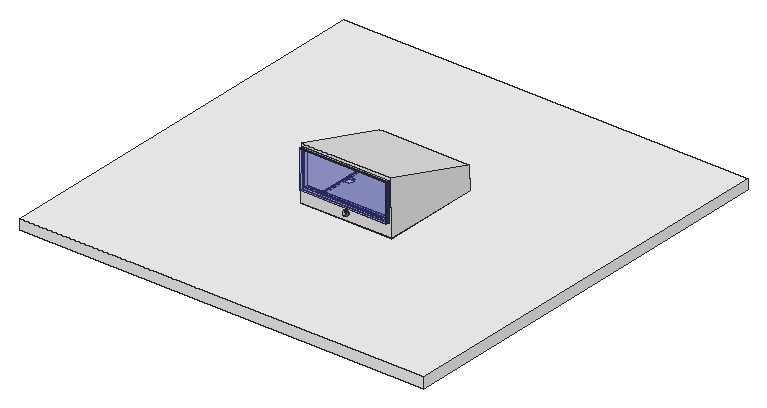
Revit family "BE_78047.1_de_DE", category Leuchten, Revit 2020
Family settings
  Basisbauteil = Fläche
  Bemaßung runder Anschluss = Durchmesser verwenden
  Teiletyp = Normal
  Beim Laden mit Abzugskörper schneiden = Ja
  Lichtquelle = Ja
  Gemeinsam genutzt = Nein
  Raumberechnungspunkt = Ja
Parameters (values of type "BEGA_78047.1_K3")
  built-in parameter 1150104 = 11.724 (stored number, unit not read)
  Wattage = 2.1 W
  Default Elevation = 0 mm
  built-in parameter 1150113 = 1 (stored number, unit not read)
  built-in parameter 1114218 = 1 (stored number, unit not read)
  Umgebungstemperatur = "25 °C"
  URL = "http://www.bega.de/de/produkt/78047.1"
  Typenkommentare = "© 2022 BEGA. Wir behalten uns das Recht vor, technische Änderungen ohne vorherige Ankündigung vorzunehmen."  # constant formula
  built-in parameter 1150134 = 12
  built-in parameter 1150109 = 1 (stored number, unit not read)
  Strom = ""
  built-in parameter 1150110 = 1 (stored number, unit not read)
  Spannung = 239.996 V
  Sonderanfertigung = no
  Seriennummer [instance] = "Hier können Sie die eindeutige Seriennummer für das Facility Management eintragen."
  Schutzklasse = "I"
  Schutzart = "IP 20"
  Scheinlast = 0 VA
  Produktdatenblatt = "http://www.bega.de/download/Xrfa/db/78047.1.db.de.pdf"
  Oberflächentemperatur = ""
  Neigungswinkel = 0.00°
  Model = "78047.1K4"
  Material_17 = BEGA_Reflektor
  Material_15 = BEGA_Leuchtmedium_matt
  Material_11 = BEGA_Glas_opal
  Material_09 = BEGA_Glas_klar
  Material_08 = BEGA_Oberfläche_Stahl_verzinkt
  Material_06 = BEGA_Oberfläche_Edelstahl_gebürstet
  Material_05 = BEGA_Oberfläche_Aluminium Guss
  Material_03 = BEGA_Oberfläche_Weiss_matt
  Material_02 = BEGA_Oberfläche_Silber_matt
  Material_01 [instance] = BEGA_Oberfläche_Grafit_matt
  M_W = no
  M_G = no
  M_A = no
  Logo = 0
  built-in parameter 1114217 = 1 (stored number, unit not read)
  built-in parameter 1150139 = (empty or 0)
  built-in parameter 1150105 = 21.09 (stored number, unit not read)
  built-in parameter 1150114 = 1 (stored number, unit not read)
  Lumens = 265.02 lm
  built-in parameter 1150115 = 1 (stored number, unit not read)
  Leuchtenlichtstrom = "197 lm"
  Leuchtenanzahl = ""
  Lebensdauerkriterien = "L70B50 @ 25 °C = 500000 h"
  Lastklassifizierung = Beleuchtung
  built-in parameter 1150112 = 1 (stored number, unit not read)
  Lampenlichtstrom = "265 lm"
  Lamp = "LED 2.1 W"
  LED_Modulbezeichnung = "LED-0234/940"
  Hersteller = "BEGA"  # constant formula
  Halbstreuwinkel = ""
  Gewicht = "0.4 kg"
  Gebrauchslageneinschränkung [instance] = ""
  Frequenz = "0/50-60 Hz"
  Farbwiedergabeindex = "CRI > 90"
  Farbtemperaturverschiebung bei Dämpfen der Lampe = <Keine Auswahl>
  Farbtemperatur = "4000 K"
  Color Filter = 16777215
  built-in parameter 1150133 = 10 (stored number, unit not read)
  Energieeffizienzklasse = "LED A++ - A"
  built-in parameter 1150137 = (empty or 0)
  built-in parameter 1150132 = (empty or 0)
  ENEC = "ja"
  Dimmbar [instance] = ""
  Photometric Web File = "BE_78047.1K4.IES"
  CE_Konformität = "ja"
  Bestellnummer = "78047.1K4"
  Beschreibung_Sonderanfertigung = "Hier können Sie Informationen zur Sonderanfertigung eintragen."
  Beschreibung = "Wandleuchte"
  built-in parameter 1150106 = 0.2109 (stored number, unit not read)
  Befestigungsbohrung = "Ø 4,5 mm"
  Befestigungsabstand = "68 mm"
  Ballwurfsicher = ""
  BEGA_Intern_aus = yes
  BEGA_Intern_an = yes
  BEGA_Intern_Konstruktion = yes
  BEGA_Intern = yes
  BEGA_IES = yes
  BEGA_Dummy = no
  Anschlussleitung = ""
  Anschlussleistung [instance] = "2.7 W"
  Anschlusskasten = ""
  built-in parameter 1150107 = 4000 (stored number, unit not read)
  built-in parameter 1150102 = (empty or 0)
  built-in parameter 1150138 = (empty or 0)
  Aktualisierung = "2019-07-08T04:00:12"
  Abstand_zur_angestrahlten_Fläche [instance] = ""
  AC/DC = "AC/DC"
Reference planes
  plane 1 "Mitte (Vorne/Hinten)": y = 0
  plane 2: z = 0
  plane 3 "Mitte (Links/Rechts)": x = 0
  plane 4 "Links": x = -44.998
  plane 5 "Rechts": x = 44.998
  plane 6 "Unten": y = -50.237
  plane 7 "Oben": y = 50.263
  plane 8 "Vorne": z = 53.926
  plane 9 "Hinten": z = 0
Forms (mm)
  Extrusion 1, solid, material "BEGA_Platte_Weiss"
    sketch origin (0, -1119.2, 0) x (1, 0, 0) y (0, 1, 0)
      loop
        line (-200, 1319.2) -> (-200, 919.2) -> (200, 919.2) -> (200, 1319.2) -> (-200, 1319.2)
    from 0 to -10
  Extrusion 2, solid, material "BEGA_Dummy_matt", visible <- "BEGA_Dummy"
    sketch origin (80.095, -76.023, 0) x (1, 0, 0) y (0, 1, 0)
      loop
        line (-125.094, 126.286) -> (-125.094, 25.786) -> (-35.097, 25.786) -> (-35.097, 126.286) -> (-125.094, 126.286)
    from 0 to 53.926
Dimensions and locks
  plane 1 "Mitte (Vorne/Hinten)" to Extrusion 1 = 200 mm
  aligned and locked: plane 2 to Extrusion 1
  aligned and locked: level to Extrusion 1
Nested families
  nested 1: "BE_78047.1" at (0, -0.8, 0), type "BE_78047.1"
Connectors
  electrical at (0, 0, 0), driven by "Lastklassifizierung", driven by "Spannung", driven by "Scheinlast"
    settings: index 1, voltage 239.996 V, apparent load 0 VA, apparent load phase1 0 VA, apparent load phase2 0 VA, apparent load phase3 0 VA, power factor 1, load classification "Beleuchtung", number of poles 1, system type 31, power factor state 1, is connector primary yes, connector utility no, sub classification motor no, connector description ""
Definition of nested family "BE_78047.1"
  Parameters (values of type "BE_78047.1")
    Default Elevation = 1 mm
    URL = "http://www.bega.de/de/produkt"
    Type Comments = "© 2015 BEGA. Wir behalten uns das Recht vor, technische Änderungen ohne vorherige Ankündigung vorzunehmen. "  # constant formula
    Type Image = (empty or 0)
    Neigungswinkel_um_Z2 = 0.00°
    Neigungswinkel_um_Z1 = 0.00°
    Neigungswinkel_um_Y2 = 0.00°
    Neigungswinkel_um_Y1 = 0.00°
    Neigungswinkel_um_X2 = 0.00°
    Neigungswinkel_um_X1 = 0.00°
    Material_17 = none
    Material_15 = none
    Material_11 = none
    Material_09 = none
    Material_08 = none
    Material_06 = none
    Material_05 = none
    Material_03 = none
    Material_02 = none
    Material_01 = none
    M_W = yes
    M_G = yes
    M_A = yes
    Länge_Platte = 200 mm  # constant formula
    Höhe_Platte = -10 mm  # constant formula
    Manufacturer = "BEGA"  # constant formula
    Drehwinkel_um_Z2 = 0.00°
    Drehwinkel_um_Z1 = 0.00°
    Breite_Platte = 200 mm  # constant formula
  Reference planes
    plane 1 "Mitte (Oben/Unten)": y = 0.8
    plane 2: z = 0
    plane 3 "Mitte (Links/Rechts)": x = 0
    plane 4: y = 51.063
    plane 5: z = 53.926
    plane 6: y = -49.437
    plane 7: x = -44.998
    plane 8: x = 44.998
  Forms (mm)
    Extrusion 1, solid, detail levels medium
      sketch origin (0, 0, 0) x (1, 0, 0) y (0, 1, 0)
        loop
          line (-100, 100.8) -> (-100, -99.2) -> (100, -99.2) -> (100, 100.8) -> (-100, 100.8)
      from 0 to -10 <- "Höhe_Platte"
    Extrusion 2, solid, material <- "Material_03", detail levels medium+fine
      sketch origin (0, 0.813, 0) x (0, -1, 0) y (0, 0, 1)
        loop
          line (46.25, 53.926) -> (-49.855, 23.625) -> (-50.25, 1) -> (-47.25, 1) -> (-46.533, 21.526) -> (43.24, 49.832) -> (43.24, 1) -> (46.25, 1) -> (46.25, 53.926)
      from -45 to 44.998
    Extrusion 3, solid, material <- "Material_03", detail levels medium+fine
      sketch origin (0, 0.813, 0) x (0, -1, 0) y (0, 0, 1)
        loop
          line (-49.855, 23.625) -> (-50.25, 1) -> (46.25, 1) -> (46.25, 53.926) -> (-49.855, 23.625)
      from 41.213 to 44.998
    Extrusion 4, solid, material <- "Material_03", detail levels medium+fine
      sketch origin (0, 0.813, 0) x (0, -1, 0) y (0, 0, -1)
        loop
          line (-49.855, -23.625) -> (46.25, -53.926) -> (46.25, -1) -> (-50.25, -1) -> (-49.855, -23.625)
      from 41.213 to 44.998
    Extrusion 5, void
      sketch origin (0, 0.813, 0) x (0, -1, 0) y (0, 0, 1)
        loop
          line (42.701, 49.6) -> (42.701, 14.966) -> (47.097, 14.966) -> (47.097, 49.6) -> (42.701, 49.6)
      from -42.151 to 42.15
    Sweep 6, solid, material <- "Material_11", detail levels medium+fine
      path origin (0, 0.813, 0) x (1, 0, 0) y (0, 0, 1)
        loop
          line (40.951, 49.6) -> (-40.95, 49.6) -> (-40.95, 15.766) -> (40.951, 15.766) -> (40.951, 49.6)
      profile origin (0.001, 0.813, 49.6) x (0, 0, -1) y (0, -1, 0)
        loop
          line (0, 46.25) -> (0, 42.25) -> (10.392, 42.25) -> (10.392, 50.25) -> (-1.547, 50.25) -> (-2.1, 49.697) -> (-2.1, 46.803) -> (-1.547, 46.25) -> (0, 46.25)
    Extrusion 7, solid, material <- "Material_11", detail levels medium+fine
      sketch origin (0, 0.813, 0) x (0, -1, 0) y (0, 0, 1)
        loop
          line (42.25, 39.208) -> (42.25, 25.358) -> (50.25, 25.358) -> (50.25, 39.208) -> (42.25, 39.208)
      from -31.759 to 31.758
    Sweep 8, solid, material <- "Material_08", detail levels medium+fine
      path origin (0, 0.813, 0) x (0, -1, 0) y (1, 0, 0)
        loop
          line (-50.25, 45) -> (-50.25, -44.998) -> (46.25, -44.998) -> (46.25, 45) -> (-50.25, 45)
      profile origin (0.001, 51.063, 0) x (0, -1, 0) y (0, 0, 1)
        loop
          line (1.1, 0) -> (4.1, 0)
          arc (4.1, 0) -> (5.161, 0.439) -> (5.6, 1.5) r 1.5
          line (5.6, 1.5) -> (5.6, 2.5)
          arc (5.6, 2.5) -> (5.746, 2.854) -> (6.1, 3) r 0.5
          line (6.1, 3) -> (40.453, 3) -> (40.453, 4) -> (6.1, 4)
          arc (6.1, 4) -> (5.039, 3.561) -> (4.6, 2.5) r 1.5
          line (4.6, 2.5) -> (4.6, 1.5)
          arc (4.6, 1.5) -> (4.454, 1.146) -> (4.1, 1) r 0.5
          line (4.1, 1) -> (1.1, 1) -> (1.1, 0)
    Extrusion 9, solid, material <- "Material_08", detail levels medium+fine
      sketch origin (0, 0.813, 0) x (0, -1, 0) y (1, 0, 0)
        loop
          line (-10.597, -4.545) -> (5.797, -4.545) -> (5.797, 4.547) -> (-10.597, 4.547) -> (-10.597, -4.545)
      from 3 to 4
    Extrusion 10, void
      sketch origin (0, 0.813, 0) x (0, -1, 0) y (1, 0, 0)
        loop
          circle (-26.493, 15) r 8.5
        loop
          circle (0.013, -34) r 4.25
        loop
          circle (0.013, 34) r 4.25
      from 0 to 7
    Revolve 11, void
      sketch origin (0, 0.813, 0) x (0, -1, 0) y (0, 0, 1)
        loop
          line (46.08, 10.497) -> (43.472, 10.497) -> (43.472, 8) -> (46.702, 8) -> (46.702, 11.119) -> (46.08, 10.497)
        axis (46.702, 8) -> (43.472, 8)
      angle from 0 to 360
    Extrusion 12, void
      sketch origin (0, 0.813, 0) x (1, 0, 0) y (0, 0, 1)
        loop
          line (-44.058, 54.909) -> (-45.884, 54.909) -> (-45.884, 1.115) -> (-44.998, 1.115) -> (-44.058, 54.909)
        loop
          line (44.058, 54.909) -> (44.998, 1.115) -> (45.884, 1.115) -> (45.884, 54.909) -> (44.058, 54.909)
      from -50.899 to 47.097
    Revolve 13, solid, material <- "Material_06", detail levels fine
      sketch origin (0, 0, 0) x (0, 1, 0) y (0, 0, 1)
        loop
          line (-47.554, 10) -> (-47.554, 8) -> (-43.803, 8) -> (-43.803, 10.497) -> (-44.94, 10.497) -> (-45.554, 10) -> (-47.554, 10)
        axis (-47.554, 8) -> (-43.803, 8)
      angle from 0 to 360
  Cuts and joins
    Extrusion 5, Revolve 11, Extrusion 12 cuts Extrusion 2
    Extrusion 5, Revolve 11, Extrusion 12 cuts Extrusion 3
    Extrusion 5, Revolve 11, Extrusion 12 cuts Extrusion 4
    joined: Extrusion 2, Extrusion 3, Extrusion 4
    joined: Sweep 6, Extrusion 7
    Extrusion 10 cuts Sweep 8
    Extrusion 10 cuts Extrusion 9
    joined: Sweep 8, Extrusion 9
  Dimensions and locks
    equal spacing: Extrusion 1 sketch curve, plane 3 "Mitte (Links/Rechts)", Extrusion 1 sketch curve
    equal spacing: Extrusion 1 sketch curve, plane 1 "Mitte (Oben/Unten)", Extrusion 1 sketch curve
    "Länge_Platte": Extrusion 1 sketch curve to Extrusion 1 sketch curve
    "Breite_Platte": Extrusion 1 sketch curve to Extrusion 1 sketch curve
    aligned and locked: Extrusion 1 to plane 2
    aligned and locked: level to Extrusion 1
  Automatic sketch dimensions
    Extrusion 2 sketch curve to plane 4 = 0 mm
    plane 5 to Extrusion 2 sketch curve = 0 mm
    Extrusion 2 sketch curve to plane 4 = 0.395 mm
    level to Extrusion 2 sketch curve = 1 mm  (x2)
    Extrusion 2 sketch curve to plane 4 = 3 mm
    Extrusion 2 sketch curve to plane 4 = 3.717 mm
    Extrusion 2 sketch curve to plane 6 = 7.01 mm
    Extrusion 2 sketch curve to Extrusion 2 sketch curve = 3.01 mm
    Extrusion 2 sketch curve to Extrusion 2 sketch curve = 20.526 mm
    Extrusion 2 sketch curve to Extrusion 2 sketch curve = 2.098 mm
    plane 5 to Extrusion 2 sketch curve = 4.095 mm
    Extrusion 3 sketch curve to plane 4 = 0 mm
    plane 5 to Extrusion 3 sketch curve = 0 mm
    Extrusion 3 sketch curve to plane 4 = 0.395 mm
    level to Extrusion 3 sketch curve = 1 mm
    Extrusion 3 sketch curve to plane 6 = 4 mm
    Extrusion 3 sketch curve to Extrusion 3 sketch curve = 22.625 mm
    Extrusion 4 sketch curve to plane 4 = 0 mm
    Extrusion 4 sketch curve to plane 5 = 0 mm
    Extrusion 4 sketch curve to plane 4 = 0.395 mm
    level to Extrusion 4 sketch curve = 1 mm
    Extrusion 4 sketch curve to plane 6 = 4 mm
    Extrusion 4 sketch curve to Extrusion 4 sketch curve = 22.625 mm
    Extrusion 5 sketch curve to plane 6 = 7.549 mm
    Extrusion 5 sketch curve to plane 6 = 3.153 mm
    level to Extrusion 5 sketch curve = 14.966 mm
    plane 5 to Extrusion 5 sketch curve = 4.326 mm
    plane 7 to Sweep 6 sketch curve = 4.048 mm
    plane 8 to Sweep 6 sketch curve = 4.047 mm
    level to Sweep 6 sketch curve = 15.766 mm
    plane 5 to Sweep 6 sketch curve = 4.326 mm
    Sweep 6 sketch curve to profile plane = 0 mm
    profile plane to Sweep 6 sketch curve = 1.547 mm
    Sweep 6 sketch curve to Sweep 6 sketch curve = 1.547 mm
    Sweep 6 sketch curve to Sweep 6 sketch curve = 0.553 mm  (x3)
    Sweep 6 sketch curve to profile plane = 10.392 mm
    profile plane to Sweep 6 sketch curve = 42.25 mm
    Sweep 6 sketch curve to Sweep 6 sketch curve = 4 mm
    Sweep 6 sketch curve to Sweep 6 sketch curve = 2.895 mm
    Extrusion 7 sketch curve to plane 6 = 0 mm
    Extrusion 7 sketch curve to Extrusion 7 sketch curve = 8 mm
    level to Extrusion 7 sketch curve = 25.358 mm
    Extrusion 7 sketch curve to Extrusion 7 sketch curve = 13.85 mm
    Sweep 8 sketch curve to plane 4 = 0 mm
    Sweep 8 sketch curve to plane 7 = 0 mm
    Sweep 8 sketch curve to plane 6 = 4 mm
    Sweep 8 sketch curve to plane 8 = 0.002 mm
    Sweep 8 sketch curve to Sweep 8 sketch curve = 0 mm  (x4)
    Sweep 8 sketch curve to level = 0 mm
    Sweep 8 sketch curve to profile plane = 1.1 mm
    level to Sweep 8 sketch curve = 1.5 mm
    Sweep 8 sketch curve to Sweep 8 sketch curve = 3 mm
    Sweep 8 sketch curve to Sweep 8 sketch curve = 0.5 mm  (x2)
    level to Sweep 8 sketch curve = 4 mm
    Sweep 8 sketch curve to Sweep 8 sketch curve = 34.353 mm
    plane 3 "Mitte (Links/Rechts)" to Extrusion 9 sketch curve = 4.547 mm
    Extrusion 9 sketch curve to plane 1 "Mitte (Oben/Unten)" = 10.61 mm
    plane 1 "Mitte (Oben/Unten)" to Extrusion 9 sketch curve = 5.783 mm
    Extrusion 9 sketch curve to plane 3 "Mitte (Links/Rechts)" = 4.545 mm
    Revolve 11 sketch curve to plane 6 = 6.778 mm
    Revolve 11 sketch curve to Revolve 11 sketch curve = 2.609 mm
    Revolve 11 sketch curve to Revolve 11 sketch curve = 0.622 mm  (x2)
    level to Revolve 11 sketch curve = 8 mm
    Revolve 11 sketch curve to Revolve 11 sketch curve = 2.497 mm
    Revolve 11 sketch curve to Revolve 11 sketch curve = 11.048 mm
    plane 6 to Revolve 11 sketch curve = 0.117 mm
    Revolve 11 sketch curve to Revolve 11 sketch curve = 0 mm
    Extrusion 12 sketch curve to plane 7 = 0.886 mm
    plane 7 to Extrusion 12 sketch curve = 0 mm
    plane 7 to Extrusion 12 sketch curve = 0.94 mm
    plane 8 to Extrusion 12 sketch curve = 0.94 mm
    plane 8 to Extrusion 12 sketch curve = 0 mm
    Extrusion 12 sketch curve to plane 8 = 0.886 mm
    level to Extrusion 12 sketch curve = 1.115 mm  (x2)
    Extrusion 12 sketch curve to plane 5 = 0.982 mm  (x2)
    plane 1 "Mitte (Oben/Unten)" to Extrusion 10 sketch curve = 0 mm  (x2)
    Extrusion 10 sketch curve to plane 4 = 23.757 mm
    plane 7 to Extrusion 10 sketch curve = 10.998 mm
    plane 3 "Mitte (Links/Rechts)" to Extrusion 10 sketch curve = 15 mm
    plane 8 to Extrusion 10 sketch curve = 10.998 mm
    Revolve 13 sketch curve to Revolve 13 sketch curve = 0.614 mm
    Revolve 13 sketch curve to Revolve 13 sketch curve = 1.136 mm
    level to Revolve 13 sketch curve = 10 mm
    Revolve 13 sketch curve to Revolve 13 sketch curve = 0.497 mm
    Revolve 13 sketch curve to Revolve 13 sketch curve = 2 mm  (x2)
    Revolve 13 sketch curve to plane 6 = 1.883 mm
    radius of Extrusion 10 sketch curve = 8.5 mm
    radius of Extrusion 10 sketch curve = 4.25 mm  (x2)
